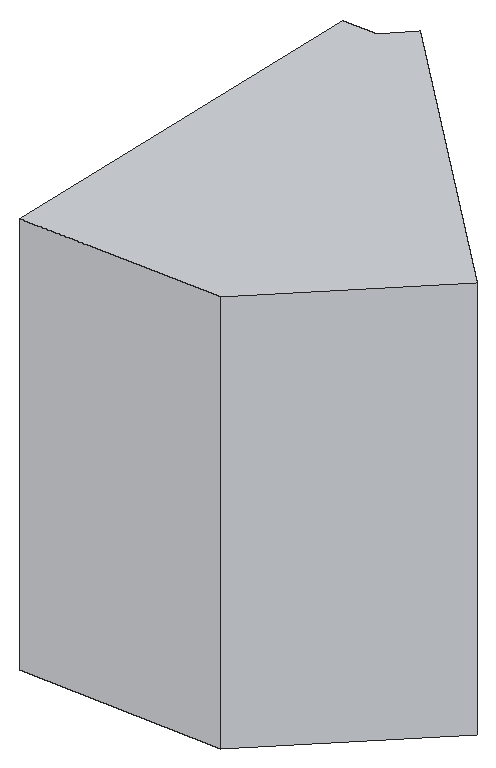
Revit family "M_Rectangular Elbow - Mitered", category Duct Fittings, Revit 2014
Parameters (values of type "Standard")
  Duct Width [instance] = 300 mm
  Shoulder = 25 mm
  Duct Length 1 [instance] = tan(Angle / 2) * Duct Width / 2 + Shoulder  # 87.132 mm
  Duct Height [instance] = 300 mm
  Angle [instance] = 45.00°
Reference planes
  plane 1 "Center (Front/Back)": y = 0
  plane 2: z = 0
  plane 3 "Center (Left/Right)": x = 0
  plane 4: x = -87.132
Forms (mm)
  Sweep 1, solid, detail levels medium+fine
    path in 3D
      loop
        line (-87.132, 0, 0) -> (0, 0, 0) -> (61.612, 61.612, 0)
    profile "M_Duct - Rectangular : Duct - Rectangular" origin (-43.566, 0, 0) x (0, 1, 0) y (0, 0, 1)
      loop
        line (-150, 150) -> (-150, -150) -> (150, -150) -> (150, 150) -> (-150, 150)
Lines and regions (mm)
  reference lines
    curve 1: line (-87.132, 0, 0) -> (0, 0, 0)
  model lines, style "DuctFitting", detail levels coarse
    curve 2: line (0, 0, 0) -> (61.612, 61.612, 0)
    curve 5: line (-87.132, 0, 0) -> (0, 0, 0)
  sketch lines
    curve 3: line (-87.132, 0, 0) -> (0, 0, 0)
    curve 4: line (0, 0, 0) -> (61.612, 61.612, 0)
Dimensions and locks
  "Duct Length 1": plane 4 to plane 3 "Center (Left/Right)"
  "Duct Length 1": curve 2 to curve 2
  "Angle": angle plane 1 "Center (Front/Back)" to curve 2
  aligned and locked: plane 1 "Center (Front/Back)" to curve 1
  aligned and locked: plane 3 "Center (Left/Right)" to curve 1
  aligned and locked: plane 4 to curve 1
  aligned and locked: curve 5 to curve 1
Automatic sketch dimensions
  curve 5 to plane 4 = 0 mm
  curve 5 to plane 3 "Center (Left/Right)" = 0 mm
Connectors
  hvac at (-87.132, 0, 0), driven by "Duct Height", driven by "Duct Width", driven by "Angle"
    settings: on Sweep 1, index 1, duct flow 0.0 L/s, flow factor 0, pres drop 0.0 Pa, loss coef 0, conn angle 45.00°, conn width 300 mm, conn height 300 mm, conn diameter 609.6 mm, duct sys type 28, conn prof type 1, flow config 0, flow direction 0, loss method 0, conn ref index 2, conn util no, is conn primary yes, conn desc ""
  hvac at (61.612, 61.612, 0), driven by "Duct Height", driven by "Duct Width", driven by "Angle"
    settings: on Sweep 1, index 2, duct flow 0.0 L/s, flow factor 0, pres drop 0.0 Pa, loss coef 0, conn angle 45.00°, conn width 300 mm, conn height 300 mm, conn diameter 609.6 mm, duct sys type 28, conn prof type 1, flow config 0, flow direction 0, loss method 0, conn ref index 1, conn util no, is conn primary no, conn desc ""
